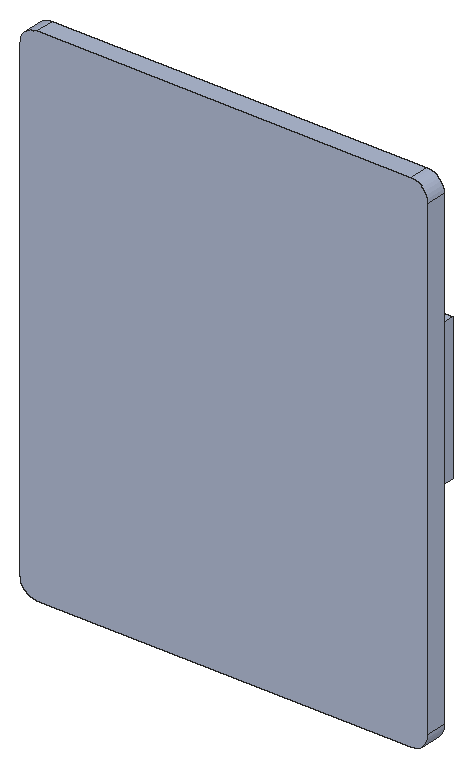
Revit family "BRG-GRF-CCN_Livorno Mezcladora Ducha 2 Funciones Cr", category Aparatos sanitarios, Revit 2019
Family settings
  Anfitrión = Muro
  Cota de conector redondo = Diámetro de uso
  Tipo de pieza = Normal
  Número OmniClass = 23.45.00.00
  Título OmniClass = Sanitary, Laundry, and Cleaning Equipment
  Siempre vertical = Sí
  Corte con vacíos al cargar = No
  Compartido = No
  Punto de cálculo de habitación = No
Parameters (values of type "Livorno Mezcladora Ducha 2 Funciones Cr")
  _EDESA_ Materiales = "Latón"
  _EDESA_ Manual de Instalación = "https://www.briggs.com.ec/productos/instructivos/Briggs/Griferia/Mezcladora_ducha_2_funciones_generico.pdf"
  _EDESA_ Garantía = "De por vida para el cuerpo principal y acabado en cromo (306)"
  _EDESA_ Cumple normativa ADA = ""
  _EDESA_ Conexión hidráulica = "Entrada de agua: tubería ø 1/2\""
  _EDESA_ Tipo de instalación = "Empotrado en la pared"
  _EDESA_ Sku/código = "SG0086953061BO"
  _EDESA_ Profundidad en cm = "7.5"
  _EDESA_ Productos necesarios para instalación = "Regadera"
  _EDESA_ Productos incluídos = ""
  _EDESA_ Peso en kg = ""
  _EDESA_ Nombre = "Livorno Mezcladora Ducha 2 Funciones Cr"
  _EDESA_ Distancia de instalación en cm (muro terminado) = ""
  _EDESA_ Descripción = "Grifería monomando de ducha 2 funciones para agua fría y caliente. Instalación empotrado en la pared."
  _EDESA_ Contacto comercial = "(02) 395 2900"
  _EDESA_ Consumo/capacidad de agua en L = "9.5 litros por minuto / 2.5 gpm en combinación con cualquiera de nuestras regaderas"
  _EDESA_ Color = "Cromo"
  _EDESA_ Certificación = "Cumple con norma NTE - INEN 3123 basada en la norma ASME 112.18.1 - 2012."
  _EDESA_ Categoría = "Productos > Grifería > Ducha"
  _EDESA_ BIM Manager = "www.bimplus.com.ec (bimplus.arquitectura.integrada@gmail.com)"
  _EDESA_ Autor BIM = "Arq. Milton Ruano"
  _EDESA_ Ancho en cm = "12"
  _EDESA_ Alto en cm = "15"
  URL = "https://www.briggs.com.ec/productos/fichastecnicaspdf/Briggs/Griferia/Livorno_ducha_tina.pdf"
  Modelo = "Livorno Mezcladora Ducha 2 Funciones Cr"
  Fabricante = "BRIGGS Ecuador"
Reference planes (m)
  plane 1: y = 0
  plane 2 "Centro (Izquierda/Derecha)": x = 0.125
  plane 3 "Posterior": y = 0.075
Forms (m)
  Extrusion 1, solid, material ".MAT_Grifería_Cromo"
    sketch origin (0, 0.075, 2.791185) x (1, 0, 0) y (0, 0, 1)
      loop
        line (0.18, -1.632855) -> (0.125, -1.632855) -> (0.125, -1.782855) -> (0.18, -1.782855)
        arc (0.18, -1.782855) -> (0.183536, -1.78139) -> (0.185, -1.777855) r 0.005
        line (0.185, -1.777855) -> (0.185, -1.637855)
        arc (0.185, -1.637855) -> (0.183536, -1.634319) -> (0.18, -1.632855) r 0.005
    from -0.0059 to 0
  Extrusion 2, solid, material ".MAT_Grifería_Cromo"
    sketch origin (0.25, 0.075, 2.791185) x (-1, 0, 0) y (0, 0, -1)
      loop
        arc (0.18, 1.632855) -> (0.183536, 1.634319) -> (0.185, 1.637855) r 0.005
        line (0.185, 1.637855) -> (0.185, 1.777855)
        arc (0.185, 1.777855) -> (0.183536, 1.78139) -> (0.18, 1.782855) r 0.005
        line (0.18, 1.782855) -> (0.125, 1.782855) -> (0.125, 1.632855) -> (0.18, 1.632855)
    from -0.0059 to 0
  Extrusion 3, solid, material ".MAT_Grifería_Cromo"
    sketch origin (0, 0.075, 0) x (1, 0, 0) y (0, 0, 1)
      loop
        line (0.10375, 1.08458) -> (0.10375, 1.04208) -> (0.14625, 1.04208) -> (0.14625, 1.08458) -> (0.10375, 1.08458)
    from -0.02683 to -0.0059
  SweptBlend 4, solid, material ".MAT_Grifería_Cromo"
    path origin (0.125, -0.091259, 0) x (0, 1, 0) y (0, 0, 1)
      loop
        line (0.1864, 1.11933) -> (0.2094, 1.11933)
    profile origin (0.125, 0.095141, 1.11933) x (0, 0, 1) y (1, 0, 0)
      loop
        arc (0.006894, -0.006894) -> (0.00975, 0) -> (0.006894, 0.006894) r 0.00975
        arc (0.006894, 0.006894) -> (0, 0.00975) -> (-0.006894, 0.006894) r 0.00975
        arc (-0.006894, 0.006894) -> (-0.00975, 0) -> (-0.006894, -0.006894) r 0.00975
        arc (-0.006894, -0.006894) -> (0, -0.00975) -> (0.006894, -0.006894) r 0.00975
    end profile origin (0.125, 0.118141, 1.11933) x (0, 0, 1) y (1, 0, 0)
      loop
        line (-0.00975, 0.00975) -> (-0.00975, -0.00975) -> (0.00975, -0.00975) -> (0.00975, 0.00975) -> (-0.00975, 0.00975)
  Revolve 5, solid, material ".MAT_Grifería_Cromo"
    sketch origin (0.125, -0.075, 0) x (0, 1, 0) y (0, 0, 1)
      loop
        line (0.1559, 1.11933) -> (0.1559, 1.10933) -> (0.159141, 1.10933) -> (0.161141, 1.11233) -> (0.170141, 1.11233) -> (0.170141, 1.11933) -> (0.1559, 1.11933)
      axis (0.170141, 1.11933) -> (0.1559, 1.11933)
    angle from 0 to 360
  SweptBlend 6, solid, material ".MAT_Grifería_Cromo", not visible
    path origin (0.125, -0.016259, 0) x (0, 1, 0) y (0, 0, 1)
      loop
        line (0.1864, 1.11933) -> (0.2094, 1.11933)
    profile origin (0.125, 0.170141, 1.11933) x (0, 0, 1) y (1, 0, 0)
      loop
        arc (0.006894, -0.006894) -> (0.00975, 0) -> (0.006894, 0.006894) r 0.00975
        arc (0.006894, 0.006894) -> (0, 0.00975) -> (-0.006894, 0.006894) r 0.00975
        arc (-0.006894, 0.006894) -> (-0.00975, 0) -> (-0.006894, -0.006894) r 0.00975
        arc (-0.006894, -0.006894) -> (0, -0.00975) -> (0.006894, -0.006894) r 0.00975
    end profile origin (0.125, 0.193141, 1.11933) x (0, 0, 1) y (1, 0, 0)
      loop
        line (-0.00975, 0.00975) -> (-0.00975, -0.00975) -> (0.00975, -0.00975) -> (0.00975, 0.00975) -> (-0.00975, 0.00975)
  Revolve 7, solid, material ".MAT_Grifería_Cromo", not visible
    sketch origin (0.125, 0, 0) x (0, 1, 0) y (0, 0, 1)
      loop
        line (0.1559, 1.11933) -> (0.1559, 1.10933) -> (0.159141, 1.10933) -> (0.161141, 1.11233) -> (0.170141, 1.11233) -> (0.170141, 1.11933) -> (0.1559, 1.11933)
      axis (0.170141, 1.11933) -> (0.1559, 1.11933)
    angle from 0 to 360
Cuts and joins
  joined: Extrusion 1, Extrusion 2
Text (m)
  text "Cara de colocación" at (-1.787139, 0.59235, 0), in view "Nivel de referencia"
  text "Cara de colocación" at (0, 1.827695, 2.917686), in view "Izquierda"
  text "Cara de colocación" at (0, 0.562268, 3.853606), in view "Derecha"
Dimensions and locks (m)
  locked: plane 3 "Posterior" to host wall at 0
  aligned and locked: host wall to plane 1
  aligned and locked: nested 1 to plane 2 "Centro (Izquierda/Derecha)"
  aligned and locked: cut or joined group of Extrusion 1, Extrusion 2 to Revolve 5
  aligned and locked: nested 1 to Extrusion 3
Nested families (m)
  nested 1: "Livorno Manija Vert" at (0.125, 0.06733, 0.17333) x (0, 1, 0) z (0, 0, 1), type "BELA MONOMANDO PARA LAVAMANOS CROMO"
Connectors (m)
  piping at (0.163333, 0.075, 1.08333), diameter 0.0125
    settings: on Extrusion 1, index 4, connector inside diameter 609.6 mm, connector length 0.00 m, flow factor 0, pipe flow 0.0 L/s, pressure drop 0.0 Pa, fitting loss kfactor 0, connector angle 0.00°, fixture units 0, engagement length 0.00 m, angle of deflection 0.00°, flow configuration 0, flow direction 2, fitting loss method 0, system type 7, joint type 0, gender type 0, connector reference index -1, connector utility 0, adjustable connector no, is connector primary yes, connector description ""
  piping at (0.163333, 0.075, 1.08333), diameter 0.0125
    settings: on Extrusion 1, index 5, connector inside diameter 609.6 mm, connector length 0.00 m, flow factor 0, pipe flow 0.0 L/s, pressure drop 0.0 Pa, fitting loss kfactor 0, connector angle 0.00°, fixture units 0, engagement length 0.00 m, angle of deflection 0.00°, flow configuration 0, flow direction 1, fitting loss method 0, system type 19, joint type 0, gender type 0, connector reference index -1, connector utility 0, adjustable connector no, is connector primary no, connector description ""
  piping at (0.086667, 0.075, 1.08333), diameter 0.0125
    settings: on Extrusion 2, index 6, connector inside diameter 609.6 mm, connector length 0.00 m, flow factor 0, pipe flow 0.0 L/s, pressure drop 0.0 Pa, fitting loss kfactor 0, connector angle 0.00°, fixture units 0, engagement length 0.00 m, angle of deflection 0.00°, flow configuration 0, flow direction 1, fitting loss method 0, system type 20, joint type 0, gender type 0, connector reference index -1, connector utility 0, adjustable connector no, is connector primary no, connector description ""
Definition of nested family "Livorno Manija Vert"
  Parameters (values of type "BELA MONOMANDO PARA LAVAMANOS CROMO")
    _EDESA_tipo genérico = "Inodoro"
    _EDESA_URL de ficha técnica = "https://edesa.com.ec/productos/fichastecnicaspdf/Edesa/Sanitarios/Andes.pdf"
    _EDESA_Imagen = 0
    _EDESA_Fábrica nacional = "EDESA Ecuador"
    _EDESA_Código de producto = "JS0022641301CE"
    _EDESA_ Tolerancia dimensional = "± 3% > 20 cm ± 5% < 20 cm"
    _EDESA_ Tipo de montaje / instalación = "30.5 cm"
    _EDESA_ Superficie del agua = "15.5 cm x 18.8 cm"
    _EDESA_ SKU = "JS0022641301CE"
    _EDESA_ Material secundario = "Plástico blanco"
    _EDESA_ Material principal = "Porcelana tono verde mist"
    _EDESA_ Altura = 72.80 m
    _EDESA_ Peso = "23.20 Kg"
    _EDESA_ Nivel mínimo del agua del tanque = "17.5 cm"
    _EDESA_ Largo = 67.50 m
    _EDESA_ Espesor mínimo = "0.6 cm"
    _EDESA_ Diámetro trampa = "4.8 cm"
    _EDESA_ Color = "Blanco"
    _EDESA_ Categoria = "Two pieces"
    _EDESA_ Capacidad / consumo de agua = "4.8 litros"
    _EDESA_ Ancho = 36.50 m
    _EDESA_ Altura de sello = "5.1"
    _ALT_Toma = 0.55 m
    _ALT_Meson = 0.85 m
    URL = "https://edesa.com.ec/productos/fichastecnicaspdf/Edesa/Sanitarios/Andes.pdf"
    Model = "_Edesa_ INODORO ANDES C/A BLANCO"
    Type Image = (empty or 0)
    Manufacturer = "EDESA Ecuador"
    Vent Connection = yes
    Waste Connection = yes
    CW Connection = yes
    HW Connection = yes
  Reference planes (m)
    plane 1 "Centro (Frontal/Posterior)": y = 0
    plane 2: z = 0
    plane 3 "Centro (Izquierda/Derecha)": x = 0
    plane 4 "Centro I/F": z = 0.55
    plane 5: x = -0.102
    plane 6: x = 0.102
    plane 7 "_RP_Mando": through (0.08415, -1.524, 0.975786) normal (0.9903, 0, -0.1392)
  Forms (m)
    Revolve 1, solid
      sketch origin (-0.0085, 0, 1.8) x (1, 0, 0) y (0, 0, -1)
        loop
          arc (0.065465, 0.91) -> (0.057418, 0.923578) -> (0.043, 0.93) r 0.026
          line (0.043, 0.93) -> (0.043, 0.91) -> (0.065465, 0.91)
        axis (0.065465, 0.91) -> (0.043, 0.91)
      angle from 0 to 360
    Extrusion 2, solid
      sketch origin (0, 0, 0) x (0, 1, 0) y (0, 0, 1)
        loop
          line (0.02125, 0.91125) -> (-0.02125, 0.91125) -> (-0.02125, 0.86875) -> (0.02125, 0.86875) -> (0.02125, 0.91125)
      from 0.03615 to 0.06515
    Extrusion 3, solid
      sketch origin (0.025, 0, 0.001808) x (0, 1, 0) y (0, 0, 1)
        loop
          line (0.00635, 0.91125) -> (-0.00635, 0.91125) -> (-0.00635, 0.818492)
          spline (-0.00635, 0.818492) -> (-0.0061, 0.816502) -> (-0.005407, 0.815169) -> (-0.004361, 0.814361) -> (-0.003051, 0.813944) -> (-0.001565, 0.813787) -> (0.000008, 0.813756) -> (0.00158, 0.813767) -> (0.003063, 0.813909) -> (0.00437, 0.814319) -> (0.005411, 0.81513) -> (0.006101, 0.816476) -> (0.00635, 0.818492)
          line (0.00635, 0.818492) -> (0.00635, 0.91125)
      from 0.03615 to 0.04215
    Extrusion 4, void
      sketch origin (0, 0, 0) x (1, 0, 0) y (0, 0, 1)
        loop
          line (0.03615, 0.89) -> (0.04746, 0.915) -> (0.028035, 0.915) -> (0.028035, 0.89) -> (0.03615, 0.89)
      from -0.02125 to 0.02125
  Cuts and joins
    Extrusion 4 cuts Extrusion 2
  Dimensions and locks (m)
    "_ALT_Toma": plane 4 "Centro I/F" to plane 2
    aligned and locked: level to plane 2
  Automatic sketch dimensions
    plane 3 "Centro (Izquierda/Derecha)" to Revolve 1 sketch curve = 0.031629 m
    Revolve 1 sketch curve to Revolve 1 sketch curve = 0.002871 m
    Revolve 1 sketch curve to Revolve 1 sketch curve = 0.022465 m
    plane 4 "Centro I/F" to Revolve 1 sketch curve = 0.345841 m
    Revolve 1 sketch curve to Revolve 1 sketch curve = 0.005841 m  (x2)
    Revolve 1 sketch curve to Revolve 1 sketch curve = 0.007129 m
    Revolve 1 sketch curve to Revolve 1 sketch curve = 0.017535 m
    plane 1 "Centro (Frontal/Posterior)" to Extrusion 2 sketch curve = 0.02125 m
    Extrusion 2 sketch curve to plane 1 "Centro (Frontal/Posterior)" = 0.02125 m
    plane 4 "Centro I/F" to Extrusion 2 sketch curve = 0.31875 m
    Extrusion 2 sketch curve to Extrusion 2 sketch curve = 0.0425 m
    plane 3 "Centro (Izquierda/Derecha)" to Extrusion 4 sketch curve = 0.028035 m
    Extrusion 4 sketch curve to Extrusion 4 sketch curve = 0.008115 m
    plane 4 "Centro I/F" to Extrusion 4 sketch curve = 0.34 m
    Extrusion 4 sketch curve to Extrusion 4 sketch curve = 0.019425 m
    Extrusion 4 sketch curve to Extrusion 4 sketch curve = 0.025 m
    plane 1 "Centro (Frontal/Posterior)" to Extrusion 3 sketch curve = 0.00635 m
    Extrusion 3 sketch curve to plane 1 "Centro (Frontal/Posterior)" = 0.00635 m
    plane 4 "Centro I/F" to Extrusion 3 sketch curve = 0.2703 m
    Extrusion 3 sketch curve to Extrusion 3 sketch curve = 0.092758 m
